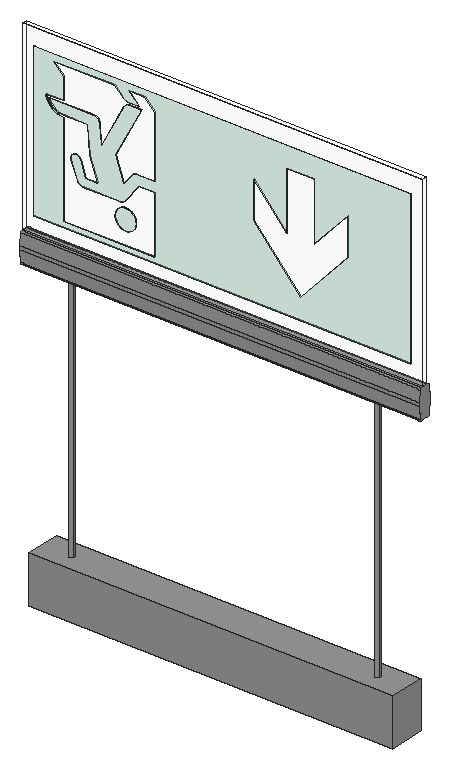
Revit family "9154299", category Lighting Fixtures, host Face, Revit 2017
Family settings
  Host = Face
  Round Connector Dimension = Use Diameter
  Part Type = Normal
  OmniClass Number = 23.80.70.00
  OmniClass Title = Lighting
  Cut with Voids When Loaded = No
  Light Source = No
  Shared = No
  Room Calculation Point = No
Parameters (values of type "ADJ SUSP LED EXIT SIGN ARROW UP")
  Width_SYL = 10 mm
  Weight = "1.7 kg"
  Wattage Comments = ""
  WarrantyStartDate [instance] = "n/a"
  WarrantyGuarantorParts = "n/a"
  WarrantyDurationUnit = "n/a"
  WarrantyDurationParts = "n/a"
  WarrantyDescription = "n/a"
  Voltage = 3.6 V
  URL = "http://www.sylvania-lighting.com"
  TypeSign_SYL = SylSafe EXIT Sign : Exit Arrow Up
  TypeName = "ADJ SUSP LED EXIT SIGN ARROW UP"
  Type Image = <None>
  Type Comments = "n/a"
  SuspensionHeight_SYL = 250 mm
  SerialNumber [instance] = "n/a"
  RotatableArmThickness_SYL = 3 mm
  RadiusBody_SYL = Width_SYL / 2  # 5 mm
  Material_3_SYL = none
  PowerFactor = 0.49
  PowerConsumption = "8 W"
  NominalLength = 340 mm
  NominalHeight = 185 mm
  NominalDepth = 30 mm
  Name = "ADJ SUSP LED EXIT SIGN ARROW UP"
  ModelReference = Name  # "ADJ SUSP LED EXIT SIGN ARROW UP"
  ModelNumber = "9154299"
  Model = Name  # "ADJ SUSP LED EXIT SIGN ARROW UP"
  Material = "n/a"
  ManufacturerName = "Feilo Sylvania"
  Manufacturer = "Feilo Sylvania"
  LuminousEfficacy = "n/a"
  LuminaireType = ""
  LightOutputRatio = "n/a"
  Length_SYL = 340 mm
  LampsType = Lamp  # "LED"
  LampNominalLuminous = "- lm"
  LampMacAdamStep = "n/a"
  LampColourTemperature = "4000 K"
  LampColourRenderingIndex = "0"
  Lamp = "LED"
  Keynote = "16500"
  InstallationDate [instance] = "n/a"
  InputVoltage = "3.6 V"
  InputNominalFrequency = "n/a"
  IngressProtection = "IP20"
  ImpactProtectionIndex = "n/a"
  IfcExportType = "IfcLightFixtureType"
  IfcExportAs = "IfcLightFixtureType"
  Height_SYL = 25 mm
  ExpectedLife = 50000
  ElectricShockClassification = "n/a"
  DurationUnit = "hours"
  DocumentationLiterature = "https://www.sylvania-lighting.com/product/en-int/products/9154299/"
  DimmingControlOptions = "n/a"
  Material_2_SYL = none
  Description = "Adjustable Suspended LED emergency exit sign arrow up (ISO standard), adjusted suspension from 100mm to 400mm, white finish, 18 x long life white LEDs, includes 3.6V 1.0Ah NiCd battery, charge current 90mA nominal, Recharge period: 24hrs (14hrs for 1 hour duration), 8VA (SELV) through suspension cables, IP20."
  Default Elevation = 1219.2 mm
  CreatedOn = "10/28/2019"
  CreatedBy = "@sylvania-lighting.com"
  Cost = 0
  built-in parameter 1114216 [instance] = (empty or 0)
  ClassificationValue = "EF_70_80"
  ClassificationName = "Uniclass2015"
  Material_1_SYL = PC/ABS Plastic
  BarCode [instance] = "n/a"
  AssetType = "Fixed"
  AssetIdentifier [instance] = "n/a"
  Assembly Code = "D5020200"
  Apparent Load = 8 VA
  Material_4_SYL = none
Types (4, lengths in mm): name | TypeSign_SYL | TypeName | Name | ModelReference | Model
  ADJ SUSP LED EXIT SIGN ARROW UP | SylSafe EXIT Sign : Exit Arrow Up | "ADJ SUSP LED EXIT SIGN ARROW UP" | "ADJ SUSP LED EXIT SIGN ARROW UP" | "ADJ SUSP LED EXIT SIGN ARROW UP" | "ADJ SUSP LED EXIT SIGN ARROW UP"
  ADJ SUSP LED EXIT SIGN ARROW DOWN | SylSafe EXIT Sign : Exit Arrow Down | "ADJ SUSP LED EXIT SIGN ARROW DOWN" | "ADJ SUSP LED EXIT SIGN ARROW DOWN" | "ADJ SUSP LED EXIT SIGN ARROW DOWN" | "ADJ SUSP LED EXIT SIGN ARROW DOWN"
  ADJ SUSP LED EXIT SIGN ARROW RIGHT | SylSafe EXIT Sign : Exit Arrow Right | "ADJ SUSP LED EXIT SIGN ARROW RIGHT" | "ADJ SUSP LED EXIT SIGN ARROW RIGHT" | "ADJ SUSP LED EXIT SIGN ARROW RIGHT" | "ADJ SUSP LED EXIT SIGN ARROW RIGHT"
  ADJ SUSP LED EXIT SIGN ARROW LEFT | SylSafe EXIT Sign : Exit Arrow Left | "ADJ SUSP LED EXIT SIGN ARROW LEFT" | "ADJ SUSP LED EXIT SIGN ARROW LEFT" | "ADJ SUSP LED EXIT SIGN ARROW LEFT" | "ADJ SUSP LED EXIT SIGN ARROW LEFT"
Reference planes
  plane 1 "Center (Front/Back)": y = 0
  plane 2: z = 250
  plane 3 "Center (Left/Right)": x = 0
  plane 4: y = 5
  plane 5: y = -5
  plane 6: z = 275
  plane 7: x = -170
  plane 8: x = 170
  plane 9: z = 262.5
  plane 10: y = -4.4
  plane 11: y = 4.4
  plane 12: x = -130
  plane 13: x = 130
  plane 14: x = -115
  plane 15: z = 40
  plane 16: y = 15
  plane 17: y = -15
  plane 18: x = 155
  plane 19: x = -155
Forms (mm)
  Extrusion 1, solid, material "PC/ABS Plastic" <- "Material_1_SYL"
    sketch origin (0, 0, 250) x (1, 0, 0) y (0, 1, 0)
      loop
        circle (-130, 0) r 2
      loop
        circle (130, 0) r 2
    from 0 to -210
  Extrusion 2, solid, material "PC/ABS Plastic" <- "Material_1_SYL"
    sketch origin (0, 0, 0) x (0, 1, 0) y (0, 0, 1)
      loop
        line (2.455, 275) -> (-3.268, 275)
        arc (-3.268, 275) -> (-4.088, 274.672) -> (-4.454, 273.87) r 1.187
        line (-4.454, 273.87) -> (-4.922, 264.122)
        arc (-4.922, 264.122) -> (-4.961, 262.5) -> (-4.922, 260.878) r 33.828
        line (-4.922, 260.878) -> (-4.454, 251.13)
        arc (-4.454, 251.13) -> (-4.088, 250.328) -> (-3.268, 250) r 1.187
        line (-3.268, 250) -> (2.455, 250)
        arc (2.455, 250) -> (3.863, 250.563) -> (4.493, 251.943) r 2.041
        line (4.493, 251.943) -> (4.922, 260.878)
        arc (4.922, 260.878) -> (4.961, 262.5) -> (4.922, 264.122) r 33.828
        line (4.922, 264.122) -> (4.493, 273.057)
        arc (4.493, 273.057) -> (3.863, 274.437) -> (2.455, 275) r 2.041
    from -170 to 170
  Extrusion 3, solid, material "PC/ABS Plastic" <- "Material_1_SYL"
    sketch origin (0, 0, 0) x (0, 1, 0) y (0, 0, 1)
      loop
        line (-15, 40) -> (-15, 0) -> (15, 0) -> (15, 40) -> (-15, 40)
    from -155 to 155
Lines and regions (mm)
  reference lines
    curve 1: line (0, -5, 262.5) -> (0, -4.4, 275)
    curve 2: line (0, -5, 262.5) -> (0, -4.4, 250)
    curve 3: line (0, 4.4, 250) -> (0, 5, 262.5)
    curve 4: line (0, 5, 262.5) -> (0, 4.4, 275)
Dimensions and locks
  equal spacing: plane 5, plane 1 "Center (Front/Back)", plane 4
  "Width_SYL": plane 5 to plane 4
  equal spacing: plane 8, plane 3 "Center (Left/Right)", plane 7
  "Length_SYL": plane 8 to plane 7
  equal spacing: plane 2, plane 9, plane 6
  "Height_SYL": plane 6 to plane 2
  equal spacing: plane 10, plane 1 "Center (Front/Back)", plane 11
  locked: plane 5 to plane 10 at 0.6
  equal spacing: host sketch curve, plane 3 "Center (Left/Right)", host sketch curve
  equal spacing: host sketch curve, plane 1 "Center (Front/Back)", host sketch curve
  equal spacing: plane 13, plane 3 "Center (Left/Right)", plane 12
  "SuspensionHeight_SYL": plane 2 to level
  locked: plane 15 to level at 40
  plane 17 to plane 1 "Center (Front/Back)" to plane 16 = 15 mm locked, 15 mm locked
  equal spacing: plane 18, plane 3 "Center (Left/Right)", plane 19, locked at 155 each
  aligned and locked: level to host face
  aligned and locked: plane 9 to curve 1
  aligned and locked: plane 6 to curve 1
  aligned and locked: plane 9 to curve 3
  aligned and locked: plane 6 to curve 4
  aligned and locked: plane 12 to Extrusion 1 sketch curve
  aligned and locked: plane 1 "Center (Front/Back)" to Extrusion 1 sketch curve  (x2)
  aligned and locked: plane 13 to Extrusion 1 sketch curve
  aligned and locked: plane 2 to Extrusion 1
  aligned and locked: Extrusion 2 sketch curve to plane 6
  aligned and locked: Extrusion 2 sketch curve to curve 1
  aligned and locked: curve 2 to Extrusion 2 sketch curve
  aligned and locked: Extrusion 2 sketch curve to plane 2
  aligned and locked: curve 3 to Extrusion 2 sketch curve
  aligned and locked: curve 4 to Extrusion 2 sketch curve
  aligned and locked: plane 8 to Extrusion 2
  aligned and locked: Extrusion 2 to plane 7
  aligned and locked: plane 3 "Center (Left/Right)" to nested 1
  aligned and locked: plane 1 "Center (Front/Back)" to nested 1
  aligned and locked: Extrusion 3 sketch curve to plane 15
  aligned and locked: Extrusion 3 sketch curve to plane 17
  aligned and locked: level to Extrusion 3 sketch curve
  aligned and locked: plane 16 to Extrusion 3 sketch curve
  aligned and locked: Extrusion 1 to plane 15
  aligned and locked: Extrusion 3 to plane 19
  aligned and locked: plane 18 to Extrusion 3
Automatic sketch dimensions
  curve 2 to plane 5 = 0 mm
  curve 2 to plane 10 = 0 mm
  curve 1 to plane 10 = 0 mm
  curve 4 to plane 11 = 0 mm
  curve 3 to plane 11 = 0 mm
  curve 3 to plane 4 = 0 mm
  curve 2 to plane 2 = 0 mm
  curve 3 to plane 2 = 0 mm
  Extrusion 2 sketch curve to plane 5 = 0.078 mm
  plane 10 to Extrusion 2 sketch curve = 0.054 mm  (x2)
  plane 11 to Extrusion 2 sketch curve = 1.945 mm  (x2)
  plane 4 to Extrusion 2 sketch curve = 0.078 mm
  radius of Extrusion 1 sketch curve = 2 mm  (x2)
Nested families
  nested 1: "SylSafe EXIT Sign" at (0, 0, 275), type <- "TypeSign_SYL", type "Exit Arrow Up"
    with built-in parameter 1114216 (empty or 0)
Definition of nested family "SylSafe EXIT Sign"
  Parameters (values of type "Exit Arrow Up")
    Width_SYL = 4 mm
    Wattage Comments = "n/a"
    Wattage = 4.9 W
    built-in parameter 1150110 = 1 (stored number, unit not read)
    Up_SYL = yes
    URL = "http://www.sylvania-lighting.com"
    Type Image = (empty or 0)
    Type Comments = "n/a"
    built-in parameter 1114217 = 1 (stored number, unit not read)
    ThicknessLabel_SYL = 0.8 mm
    built-in parameter 1150109 = 1 (stored number, unit not read)
    built-in parameter 1150134 = 5
    built-in parameter 1150113 = 1 (stored number, unit not read)
    Right_SYL = no
    Material_3_SYL = none
    Model = ""
    Manufacturer = "Feilo Sylvania"
    built-in parameter 1150105 = 155.97 (stored number, unit not read)
    Lumens = 490 lm
    built-in parameter 1150115 = 1 (stored number, unit not read)
    Light Source Symbol Size = 50 mm
    built-in parameter 1150137 = (empty or 0)
    built-in parameter 1150139 = (empty or 0)
    Length_SYL = 340 mm
    Left_SYL = no
    built-in parameter 1150112 = 1 (stored number, unit not read)
    built-in parameter 1150114 = 1 (stored number, unit not read)
    Lamp = "LED"
    Keynote = "16500"
    Material_2_SYL = none
    built-in parameter 1150132 = (empty or 0)
    built-in parameter 1150102 = (empty or 0)
    built-in parameter 1150107 = 6000 (stored number, unit not read)
    built-in parameter 1150138 = (empty or 0)
    built-in parameter 1150106 = 1.5597 (stored number, unit not read)
    Emit from Line Length = 291 mm  # constant formula
    built-in parameter 1150104 = 9.2903 (stored number, unit not read)
    Down_SYL = no
    Dimming Lamp Color Temperature Shift = (empty or 0)
    Description = ""
    Default Elevation = 1219.2 mm
    Cost = 0
    Color Filter = 16777215
    built-in parameter 1114216 [instance] = (empty or 0)
    Material_1_SYL = none
    built-in parameter 1114218 = 1 (stored number, unit not read)
    built-in parameter 1150133 = 10 (stored number, unit not read)
    Assembly Code = "D5020200"
    Apparent Load = 4.9 VA
    Material_4_SYL = none
  Types (4, lengths in mm): name | Up_SYL | Right_SYL | Left_SYL | Down_SYL
    Exit Arrow Right | no | yes | no | no
    Exit Arrow Left | no | no | yes | no
    Exit Arrow Up | yes | no | no | no
    Exit Arrow Down | no | no | no | yes
  Reference planes
    plane 1 "Center (Front/Back)": y = 0
    plane 2: z = 0
    plane 3 "Center (Left/Right)": x = 0
    plane 4: z = 0.008
    plane 5: y = 2
    plane 6: y = -2
    plane 7: y = -2.8
    plane 8: x = -170
    plane 9: x = 170
    plane 10: z = 158
    plane 11: z = 79.004
  Forms (mm)
    Extrusion 1, solid
      sketch origin (4.2, 0, 0) x (1, 0, 0) y (0, 1, 0)
        loop
          line (-1219.2, 1219.2) -> (-1219.2, -1219.2) -> (1219.2, -1219.2) -> (1219.2, 1219.2) -> (-1219.2, 1219.2)
      from 0 to -68.017
    Extrusion 2, solid, material <- "Material_2_SYL", visible <- "Left_SYL", detail levels fine
      sketch origin (351.989, -2, 271.712) x (0, 0, -1) y (1, 0, 0)
        loop
          circle (232.921, -433.927) r 8.997
        loop
          line (252.914, -409.376) -> (203.771, -409.376) -> (203.771, -422.697) -> (218.424, -433.74)
          arc (218.424, -433.74) -> (220.352, -436.058) -> (221.043, -438.993) r 6.578
          line (221.043, -438.993) -> (221.043, -470.423)
          arc (221.043, -470.423) -> (220.132, -473.314) -> (217.728, -475.158) r 5.039
          line (217.728, -475.158) -> (203.593, -480.303)
          arc (203.593, -480.303) -> (198.134, -477.757) -> (200.68, -472.297) r 4.26
          line (200.68, -472.297) -> (213.464, -467.644) -> (213.464, -457.87) -> (194.903, -464.626) -> (171.839, -466.643) -> (171.839, -486.798)
          arc (171.839, -486.798) -> (169.301, -494.456) -> (162.694, -499.083) r 12.824
          line (162.694, -499.083) -> (162.694, -461.066)
          arc (162.694, -461.066) -> (164.018, -457.662) -> (167.293, -456.047) r 5.039
          line (167.293, -456.047) -> (183.708, -454.611) -> (147.253, -435.227)
          arc (147.253, -435.227) -> (145.299, -433.374) -> (144.58, -430.779) r 5.039
          line (144.58, -430.779) -> (144.58, -420.27) -> (186.296, -442.45) -> (205.853, -435.332) -> (197.426, -428.982)
          arc (197.426, -428.982) -> (195.783, -427.007) -> (195.195, -424.508) r 5.602
          line (195.195, -424.508) -> (195.195, -409.376) -> (142.284, -409.376) -> (133.752, -417.908) -> (133.752, -431.496) -> (142.825, -422.423) -> (142.825, -432.004)
          arc (142.825, -432.004) -> (142.393, -434.178) -> (141.162, -436.02) r 5.68
          line (141.162, -436.02) -> (133.752, -443.43) -> (133.752, -495.019) -> (141.973, -486.798) -> (160.874, -486.798) -> (160.874, -501.57)
          arc (160.874, -501.57) -> (169.956, -496.498) -> (173.715, -486.798) r 15.341
          line (173.715, -486.798) -> (252.914, -486.798) -> (252.914, -409.376)
        loop
          line (257.706, -191.444) -> (127.708, -191.444) -> (127.708, -512.534) -> (257.706, -512.534) -> (257.706, -191.444)
        loop
          line (204.292, -340.093) -> (204.292, -290.517) -> (232.638, -321.999) -> (232.638, -290.517) -> (192.707, -235.584) -> (152.776, -290.517) -> (152.776, -321.999) -> (181.122, -290.517) -> (181.122, -340.093) -> (204.292, -340.093)
      from 0 to 0.8
    Extrusion 3, solid, material <- "Material_2_SYL", visible <- "Up_SYL", detail levels fine
      sketch origin (0, -2, -647.069) x (0, 0, -1) y (1, 0, 0)
        loop
          line (-785.029, -65.919) -> (-785.029, -79.507) -> (-775.956, -70.434) -> (-775.956, -80.015)
          arc (-775.956, -80.015) -> (-776.388, -82.189) -> (-777.62, -84.031) r 5.68
          line (-777.62, -84.031) -> (-785.029, -91.441) -> (-785.029, -143.03) -> (-776.808, -134.809) -> (-757.907, -134.809) -> (-757.907, -149.581)
          arc (-757.907, -149.581) -> (-748.825, -144.509) -> (-745.067, -134.809) r 15.341
          line (-745.067, -134.809) -> (-665.867, -134.809) -> (-665.867, -57.387) -> (-715.011, -57.387) -> (-715.011, -70.708) -> (-700.357, -81.751)
          arc (-700.357, -81.751) -> (-698.429, -84.069) -> (-697.738, -87.004) r 6.578
          line (-697.738, -87.004) -> (-697.738, -118.434)
          arc (-697.738, -118.434) -> (-698.649, -121.325) -> (-701.053, -123.169) r 5.039
          line (-701.053, -123.169) -> (-715.188, -128.314)
          arc (-715.188, -128.314) -> (-720.647, -125.768) -> (-718.102, -120.308) r 4.26
          line (-718.102, -120.308) -> (-705.317, -115.655) -> (-705.317, -105.881) -> (-723.879, -112.637) -> (-746.943, -114.655) -> (-746.943, -134.809)
          arc (-746.943, -134.809) -> (-749.48, -142.467) -> (-756.087, -147.094) r 12.824
          line (-756.087, -147.094) -> (-756.087, -109.077)
          arc (-756.087, -109.077) -> (-754.764, -105.673) -> (-751.488, -104.058) r 5.039
          line (-751.488, -104.058) -> (-735.074, -102.622) -> (-771.528, -83.238)
          arc (-771.528, -83.238) -> (-773.482, -81.385) -> (-774.201, -78.79) r 5.039
          line (-774.201, -78.79) -> (-774.201, -68.281) -> (-732.486, -90.461) -> (-712.929, -83.343) -> (-721.356, -76.993)
          arc (-721.356, -76.993) -> (-722.998, -75.018) -> (-723.586, -72.519) r 5.602
          line (-723.586, -72.519) -> (-723.586, -57.387) -> (-776.497, -57.387) -> (-785.029, -65.919)
        loop
          circle (-685.86, -81.938) r 8.997
        loop
          line (-723.46, 78.505) -> (-773.036, 78.505) -> (-773.036, 55.335) -> (-723.46, 55.335) -> (-754.942, 26.989) -> (-723.46, 26.989) -> (-679.112, 66.92) -> (-723.46, 106.851) -> (-754.942, 106.851) -> (-723.46, 78.505)
        loop
          line (-791.073, -160.545) -> (-661.075, -160.545) -> (-661.075, 160.545) -> (-791.073, 160.545) -> (-791.073, -160.545)
      from 0 to 0.8
    Extrusion 4, solid, material <- "Material_2_SYL", visible <- "Down_SYL", detail levels fine
      sketch origin (0, -2, -647.069) x (0, 0, -1) y (1, 0, 0)
        loop
          line (-715.011, -70.708) -> (-700.357, -81.751)
          arc (-700.357, -81.751) -> (-698.429, -84.069) -> (-697.738, -87.004) r 6.578
          line (-697.738, -87.004) -> (-697.738, -118.434)
          arc (-697.738, -118.434) -> (-698.649, -121.325) -> (-701.053, -123.169) r 5.039
          line (-701.053, -123.169) -> (-715.188, -128.314)
          arc (-715.188, -128.314) -> (-720.647, -125.768) -> (-718.102, -120.308) r 4.26
          line (-718.102, -120.308) -> (-705.317, -115.655) -> (-705.317, -105.881) -> (-723.879, -112.637) -> (-746.943, -114.655) -> (-746.943, -134.809)
          arc (-746.943, -134.809) -> (-749.48, -142.467) -> (-756.087, -147.094) r 12.824
          line (-756.087, -147.094) -> (-756.087, -109.077)
          arc (-756.087, -109.077) -> (-754.764, -105.673) -> (-751.488, -104.058) r 5.039
          line (-751.488, -104.058) -> (-735.074, -102.622) -> (-771.528, -83.238)
          arc (-771.528, -83.238) -> (-773.482, -81.385) -> (-774.201, -78.79) r 5.039
          line (-774.201, -78.79) -> (-774.201, -68.281) -> (-732.486, -90.461) -> (-712.929, -83.343) -> (-721.356, -76.993)
          arc (-721.356, -76.993) -> (-722.998, -75.018) -> (-723.586, -72.519) r 5.602
          line (-723.586, -72.519) -> (-723.586, -57.387) -> (-776.497, -57.387) -> (-785.029, -65.919) -> (-785.029, -79.507) -> (-775.956, -70.434) -> (-775.956, -80.015)
          arc (-775.956, -80.015) -> (-776.388, -82.189) -> (-777.62, -84.031) r 5.68
          line (-777.62, -84.031) -> (-785.029, -91.441) -> (-785.029, -143.03) -> (-776.808, -134.809) -> (-757.907, -134.809) -> (-757.907, -149.581)
          arc (-757.907, -149.581) -> (-748.825, -144.509) -> (-745.067, -134.809) r 15.341
          line (-745.067, -134.809) -> (-665.867, -134.809) -> (-665.867, -57.387) -> (-715.011, -57.387) -> (-715.011, -70.708)
        loop
          circle (-685.86, -81.938) r 8.997
        loop
          line (-791.073, -160.545) -> (-661.075, -160.545) -> (-661.075, 160.545) -> (-791.073, 160.545) -> (-791.073, -160.545)
        loop
          line (-679.112, 55.335) -> (-679.112, 78.505) -> (-728.688, 78.505) -> (-697.206, 106.851) -> (-728.688, 106.851) -> (-773.036, 66.92) -> (-728.688, 26.989) -> (-697.206, 26.989) -> (-728.688, 55.335) -> (-679.112, 55.335)
      from 0 to 0.8
    Extrusion 5, solid, material <- "Material_2_SYL", visible <- "Right_SYL", detail levels fine
      sketch origin (0, -2, -647.069) x (0, 0, -1) y (1, 0, 0)
        loop
          line (-732.486, 57.899) -> (-774.201, 35.719) -> (-774.201, 46.228)
          arc (-774.201, 46.228) -> (-773.482, 48.823) -> (-771.528, 50.677) r 5.039
          line (-771.528, 50.677) -> (-735.074, 70.06) -> (-751.488, 71.496)
          arc (-751.488, 71.496) -> (-754.764, 73.111) -> (-756.087, 76.515) r 5.039
          line (-756.087, 76.515) -> (-756.087, 114.533)
          arc (-756.087, 114.533) -> (-749.48, 109.905) -> (-746.943, 102.247) r 12.824
          line (-746.943, 102.247) -> (-746.943, 82.093) -> (-723.879, 80.075) -> (-705.317, 73.319) -> (-705.317, 83.093) -> (-718.102, 87.747)
          arc (-718.102, 87.747) -> (-720.647, 93.206) -> (-715.188, 95.752) r 4.26
          line (-715.188, 95.752) -> (-701.053, 90.607)
          arc (-701.053, 90.607) -> (-698.649, 88.763) -> (-697.738, 85.873) r 5.039
          line (-697.738, 85.873) -> (-697.738, 54.442)
          arc (-697.738, 54.442) -> (-698.429, 51.507) -> (-700.357, 49.189) r 6.578
          line (-700.357, 49.189) -> (-715.011, 38.146) -> (-715.011, 24.826) -> (-665.867, 24.826) -> (-665.867, 102.247) -> (-745.067, 102.247)
          arc (-745.067, 102.247) -> (-748.825, 111.947) -> (-757.907, 117.019) r 15.341
          line (-757.907, 117.019) -> (-757.907, 102.247) -> (-776.808, 102.247) -> (-785.029, 110.468) -> (-785.029, 58.879) -> (-777.62, 51.469)
          arc (-777.62, 51.469) -> (-776.388, 49.627) -> (-775.956, 47.453) r 5.68
          line (-775.956, 47.453) -> (-775.956, 37.872) -> (-785.029, 46.945) -> (-785.029, 33.357) -> (-776.497, 24.826) -> (-723.586, 24.826) -> (-723.586, 39.957)
          arc (-723.586, 39.957) -> (-722.998, 42.456) -> (-721.356, 44.431) r 5.602
          line (-721.356, 44.431) -> (-712.929, 50.781) -> (-732.486, 57.899)
        loop
          circle (-685.86, 49.376) r 8.997
        loop
          line (-766.005, -62.552) -> (-766.005, -94.034) -> (-726.074, -146.444) -> (-686.143, -94.034) -> (-686.143, -62.552) -> (-714.489, -94.034) -> (-714.489, -34.958) -> (-737.659, -34.958) -> (-737.659, -94.034) -> (-766.005, -62.552)
        loop
          line (-791.073, -160.545) -> (-661.075, -160.545) -> (-661.075, 160.545) -> (-791.073, 160.545) -> (-791.073, -160.545)
      from 0 to 0.8
    Extrusion 6, solid, material <- "Material_3_SYL"
      sketch origin (0, 0, 0) x (1, 0, 0) y (0, 0, 1)
        loop
          line (-170, 0) -> (170, 0) -> (170, 158) -> (-170, 158) -> (-170, 0)
      from -2 to 2
  Dimensions and locks
    equal spacing: plane 6, plane 1 "Center (Front/Back)", plane 5
    "Width_SYL": plane 6 to plane 5
    "ThicknessLabel_SYL": plane 7 to plane 6
    equal spacing: plane 9, plane 3 "Center (Left/Right)", plane 8
    "Length_SYL": plane 9 to plane 8
    locked: plane 10 to plane 4 at 157.992
    equal spacing: plane 10, plane 11, plane 4
    aligned and locked: plane 2 to Extrusion 1
    aligned and locked: level to Extrusion 1
    aligned and locked: Extrusion 3 to Extrusion 2
    aligned and locked: Extrusion 3 to plane 6
    aligned and locked: plane 7 to Extrusion 3
    aligned and locked: Extrusion 4 to plane 6
    aligned and locked: plane 7 to Extrusion 4
    aligned and locked: Extrusion 5 to plane 6
    aligned and locked: plane 7 to Extrusion 5
    aligned and locked: plane 4 to imposter light
    aligned and locked: plane 3 "Center (Left/Right)" to imposter light
    aligned and locked: plane 1 "Center (Front/Back)" to imposter light
    aligned and locked: Extrusion 6 sketch curve to level
    aligned and locked: plane 6 to Extrusion 6
    aligned and locked: Extrusion 6 to plane 5
    aligned and locked: Extrusion 6 sketch curve to plane 8
    aligned and locked: plane 9 to Extrusion 6 sketch curve
    aligned and locked: Extrusion 6 sketch curve to plane 10
  Automatic sketch dimensions
    Extrusion 1 sketch curve to Extrusion 1 sketch curve = 2438.4 mm  (x2)
    Extrusion 5 sketch curve to Extrusion 5 sketch curve = 0 mm  (x6)
    plane 10 to Extrusion 5 sketch curve = 13.996 mm
    plane 10 to Extrusion 5 sketch curve = 20.04 mm  (x2)
    Extrusion 5 sketch curve to Extrusion 5 sketch curve = 3.393 mm
    Extrusion 5 sketch curve to Extrusion 5 sketch curve = 4.016 mm
    Extrusion 5 sketch curve to Extrusion 5 sketch curve = 8.221 mm  (x2)
    Extrusion 5 sketch curve to Extrusion 5 sketch curve = 8.532 mm  (x2)
    Extrusion 5 sketch curve to Extrusion 5 sketch curve = 9.073 mm
    Extrusion 5 sketch curve to Extrusion 5 sketch curve = 1.755 mm
    Extrusion 5 sketch curve to Extrusion 5 sketch curve = 2.673 mm
    Extrusion 5 sketch curve to Extrusion 5 sketch curve = 5.039 mm  (x2)
    plane 10 to Extrusion 5 sketch curve = 39.064 mm
    Extrusion 5 sketch curve to Extrusion 5 sketch curve = 16.405 mm
    Extrusion 5 sketch curve to Extrusion 5 sketch curve = 0.636 mm
    Extrusion 5 sketch curve to Extrusion 5 sketch curve = 1.86 mm
    Extrusion 5 sketch curve to Extrusion 5 sketch curve = 4.316 mm
    Extrusion 5 sketch curve to Extrusion 5 sketch curve = 4.6 mm
    Extrusion 5 sketch curve to Extrusion 5 sketch curve = 0.439 mm
    Extrusion 5 sketch curve to Extrusion 5 sketch curve = 10.965 mm
    Extrusion 5 sketch curve to Extrusion 5 sketch curve = 1.876 mm
    Extrusion 5 sketch curve to plane 11 = 11.586 mm
    Extrusion 5 sketch curve to plane 11 = 9 mm
    Extrusion 5 sketch curve to plane 11 = 6.412 mm
    Extrusion 5 sketch curve to plane 11 = 0.001 mm
    plane 11 to Extrusion 5 sketch curve = 2.195 mm
    plane 11 to Extrusion 5 sketch curve = 2.487 mm
    plane 11 to Extrusion 5 sketch curve = 4.718 mm
    plane 11 to Extrusion 5 sketch curve = 7.972 mm
    Extrusion 5 sketch curve to Extrusion 5 sketch curve = 3.372 mm
    Extrusion 5 sketch curve to Extrusion 5 sketch curve = 1.457 mm  (x2)
    Extrusion 5 sketch curve to Extrusion 5 sketch curve = 2.973 mm
    plane 11 to Extrusion 5 sketch curve = 11.584 mm
    Extrusion 5 sketch curve to Extrusion 5 sketch curve = 8.427 mm
    Extrusion 5 sketch curve to Extrusion 5 sketch curve = 12.785 mm
    Extrusion 5 sketch curve to Extrusion 5 sketch curve = 8.613 mm
    Extrusion 5 sketch curve to Extrusion 5 sketch curve = 2.54 mm
    Extrusion 5 sketch curve to Extrusion 5 sketch curve = 1.723 mm
    Extrusion 5 sketch curve to Extrusion 5 sketch curve = 3.959 mm
    Extrusion 5 sketch curve to Extrusion 5 sketch curve = 28.346 mm
    Extrusion 5 sketch curve to Extrusion 5 sketch curve = 11.878 mm
    Extrusion 5 sketch curve to plane 4 = 18.79 mm
    Extrusion 5 sketch curve to plane 4 = 13.998 mm
    plane 8 to Extrusion 5 sketch curve = 9.455 mm
    plane 8 to Extrusion 5 sketch curve = 23.556 mm
    Extrusion 5 sketch curve to Extrusion 5 sketch curve = 52.41 mm  (x2)
    Extrusion 5 sketch curve to Extrusion 5 sketch curve = 31.482 mm  (x2)
    Extrusion 5 sketch curve to plane 3 "Center (Left/Right)" = 34.958 mm
    plane 3 "Center (Left/Right)" to Extrusion 5 sketch curve = 24.826 mm
    Extrusion 5 sketch curve to Extrusion 5 sketch curve = 2.361 mm
    Extrusion 5 sketch curve to Extrusion 5 sketch curve = 2.154 mm
    Extrusion 5 sketch curve to Extrusion 5 sketch curve = 13.321 mm
    Extrusion 5 sketch curve to Extrusion 5 sketch curve = 1.81 mm
    Extrusion 5 sketch curve to Extrusion 5 sketch curve = 8.355 mm
    Extrusion 5 sketch curve to Extrusion 5 sketch curve = 0.718 mm
    Extrusion 5 sketch curve to Extrusion 5 sketch curve = 0.508 mm
    Extrusion 5 sketch curve to Extrusion 5 sketch curve = 11.042 mm
    Extrusion 5 sketch curve to Extrusion 5 sketch curve = 5.066 mm
    Extrusion 5 sketch curve to Extrusion 5 sketch curve = 3.661 mm
    Extrusion 5 sketch curve to Extrusion 5 sketch curve = 13.468 mm
    Extrusion 5 sketch curve to Extrusion 5 sketch curve = 7.409 mm
    Extrusion 5 sketch curve to Extrusion 5 sketch curve = 12.16 mm
    Extrusion 5 sketch curve to Extrusion 5 sketch curve = 1.436 mm
    Extrusion 5 sketch curve to Extrusion 5 sketch curve = 18.877 mm
    Extrusion 5 sketch curve to Extrusion 5 sketch curve = 10.015 mm
    Extrusion 5 sketch curve to Extrusion 5 sketch curve = 5.577 mm
    Extrusion 5 sketch curve to Extrusion 5 sketch curve = 9.774 mm
    Extrusion 5 sketch curve to Extrusion 5 sketch curve = 2.779 mm
    Extrusion 5 sketch curve to Extrusion 5 sketch curve = 7.672 mm
    Extrusion 5 sketch curve to Extrusion 5 sketch curve = 4.003 mm
    Extrusion 5 sketch curve to Extrusion 5 sketch curve = 19.79 mm
    Extrusion 5 sketch curve to Extrusion 5 sketch curve = 0.365 mm  (x2)
    Extrusion 5 sketch curve to plane 9 = 9.455 mm
    Extrusion 5 sketch curve to Extrusion 5 sketch curve = 5.5 mm
    Extrusion 4 sketch curve to Extrusion 4 sketch curve = 0 mm  (x5)
    plane 10 to Extrusion 4 sketch curve = 13.996 mm
    plane 10 to Extrusion 4 sketch curve = 20.04 mm
    Extrusion 4 sketch curve to Extrusion 4 sketch curve = 3.393 mm
    Extrusion 4 sketch curve to Extrusion 4 sketch curve = 4.016 mm
    Extrusion 4 sketch curve to Extrusion 4 sketch curve = 8.221 mm
    Extrusion 4 sketch curve to Extrusion 4 sketch curve = 8.532 mm
    Extrusion 4 sketch curve to Extrusion 4 sketch curve = 1.664 mm
    Extrusion 4 sketch curve to Extrusion 4 sketch curve = 1.755 mm
    plane 10 to Extrusion 4 sketch curve = 32.033 mm
    Extrusion 4 sketch curve to Extrusion 4 sketch curve = 2.673 mm
    Extrusion 4 sketch curve to Extrusion 4 sketch curve = 2.366 mm
    Extrusion 4 sketch curve to Extrusion 4 sketch curve = 16.405 mm
    Extrusion 4 sketch curve to Extrusion 4 sketch curve = 0.636 mm
    Extrusion 4 sketch curve to Extrusion 4 sketch curve = 1.86 mm
    Extrusion 4 sketch curve to Extrusion 4 sketch curve = 4.316 mm
    Extrusion 4 sketch curve to Extrusion 4 sketch curve = 4.6 mm
    Extrusion 4 sketch curve to Extrusion 4 sketch curve = 5.039 mm
    Extrusion 4 sketch curve to Extrusion 4 sketch curve = 4.106 mm
    Extrusion 4 sketch curve to Extrusion 4 sketch curve = 1.876 mm
    Extrusion 4 sketch curve to plane 11 = 9 mm
    Extrusion 4 sketch curve to plane 11 = 6.412 mm
    Extrusion 4 sketch curve to plane 11 = 2.615 mm  (x4)
    plane 11 to Extrusion 4 sketch curve = 2.195 mm
    plane 11 to Extrusion 4 sketch curve = 2.487 mm
    plane 11 to Extrusion 4 sketch curve = 4.718 mm
    plane 11 to Extrusion 4 sketch curve = 7.972 mm
    Extrusion 4 sketch curve to Extrusion 4 sketch curve = 3.372 mm
    Extrusion 4 sketch curve to Extrusion 4 sketch curve = 1.457 mm  (x2)
    Extrusion 4 sketch curve to Extrusion 4 sketch curve = 8.576 mm
    Extrusion 4 sketch curve to Extrusion 4 sketch curve = 8.427 mm
    Extrusion 4 sketch curve to Extrusion 4 sketch curve = 12.785 mm
    Extrusion 4 sketch curve to Extrusion 4 sketch curve = 8.613 mm
    Extrusion 4 sketch curve to Extrusion 4 sketch curve = 2.54 mm
    Extrusion 4 sketch curve to Extrusion 4 sketch curve = 1.723 mm
    Extrusion 4 sketch curve to Extrusion 4 sketch curve = 3.959 mm
    Extrusion 4 sketch curve to Extrusion 4 sketch curve = 2.619 mm
    plane 11 to Extrusion 4 sketch curve = 28.867 mm  (x2)
    Extrusion 4 sketch curve to Extrusion 4 sketch curve = 11.878 mm
    Extrusion 4 sketch curve to plane 4 = 32.035 mm
    Extrusion 4 sketch curve to plane 4 = 18.79 mm
    Extrusion 4 sketch curve to plane 4 = 13.998 mm
    plane 8 to Extrusion 4 sketch curve = 9.455 mm
    plane 8 to Extrusion 4 sketch curve = 20.419 mm
    Extrusion 4 sketch curve to Extrusion 4 sketch curve = 2.486 mm
    Extrusion 4 sketch curve to Extrusion 4 sketch curve = 17.515 mm
    Extrusion 4 sketch curve to Extrusion 4 sketch curve = 6.495 mm
    Extrusion 4 sketch curve to Extrusion 4 sketch curve = 4.003 mm
    Extrusion 4 sketch curve to Extrusion 4 sketch curve = 5.145 mm
    Extrusion 4 sketch curve to Extrusion 4 sketch curve = 2.779 mm
    Extrusion 4 sketch curve to Extrusion 4 sketch curve = 20.155 mm
    Extrusion 4 sketch curve to Extrusion 4 sketch curve = 7.672 mm
    Extrusion 4 sketch curve to Extrusion 4 sketch curve = 5.577 mm
    Extrusion 4 sketch curve to Extrusion 4 sketch curve = 9.774 mm
    Extrusion 4 sketch curve to Extrusion 4 sketch curve = 10.015 mm
    Extrusion 4 sketch curve to Extrusion 4 sketch curve = 17.637 mm
    Extrusion 4 sketch curve to Extrusion 4 sketch curve = 12.16 mm
    Extrusion 4 sketch curve to Extrusion 4 sketch curve = 18.877 mm
    Extrusion 4 sketch curve to Extrusion 4 sketch curve = 7.409 mm
    Extrusion 4 sketch curve to Extrusion 4 sketch curve = 3.661 mm
    Extrusion 4 sketch curve to Extrusion 4 sketch curve = 3.223 mm
    Extrusion 4 sketch curve to Extrusion 4 sketch curve = 5.066 mm
    Extrusion 4 sketch curve to Extrusion 4 sketch curve = 0.508 mm
    Extrusion 4 sketch curve to Extrusion 4 sketch curve = 6.35 mm
    Extrusion 4 sketch curve to Extrusion 4 sketch curve = 1.81 mm
    Extrusion 4 sketch curve to Extrusion 4 sketch curve = 8.355 mm
    Extrusion 4 sketch curve to Extrusion 4 sketch curve = 2.154 mm
    Extrusion 4 sketch curve to Extrusion 4 sketch curve = 4.515 mm
    Extrusion 4 sketch curve to Extrusion 4 sketch curve = 10.893 mm
    Extrusion 4 sketch curve to Extrusion 4 sketch curve = 24.55 mm
    plane 3 "Center (Left/Right)" to Extrusion 4 sketch curve = 26.989 mm
    Extrusion 4 sketch curve to Extrusion 4 sketch curve = 28.346 mm  (x2)
    Extrusion 4 sketch curve to Extrusion 4 sketch curve = 11.585 mm
    Extrusion 4 sketch curve to Extrusion 4 sketch curve = 23.17 mm
    Extrusion 4 sketch curve to plane 9 = 9.455 mm
    Extrusion 4 sketch curve to Extrusion 4 sketch curve = 5.5 mm
    Extrusion 3 sketch curve to Extrusion 3 sketch curve = 0 mm  (x4)
    plane 10 to Extrusion 3 sketch curve = 13.996 mm
    plane 10 to Extrusion 3 sketch curve = 20.04 mm  (x2)
    Extrusion 3 sketch curve to Extrusion 3 sketch curve = 3.393 mm
    Extrusion 3 sketch curve to Extrusion 3 sketch curve = 4.016 mm
    Extrusion 3 sketch curve to Extrusion 3 sketch curve = 8.221 mm  (x2)
    Extrusion 3 sketch curve to Extrusion 3 sketch curve = 8.532 mm
    Extrusion 3 sketch curve to Extrusion 3 sketch curve = 1.664 mm
    Extrusion 3 sketch curve to Extrusion 3 sketch curve = 1.755 mm
    plane 10 to Extrusion 3 sketch curve = 32.033 mm
    Extrusion 3 sketch curve to Extrusion 3 sketch curve = 2.673 mm
    Extrusion 3 sketch curve to Extrusion 3 sketch curve = 5.039 mm  (x2)
    Extrusion 3 sketch curve to Extrusion 3 sketch curve = 16.405 mm
    Extrusion 3 sketch curve to Extrusion 3 sketch curve = 0.636 mm
    Extrusion 3 sketch curve to Extrusion 3 sketch curve = 1.86 mm
    Extrusion 3 sketch curve to Extrusion 3 sketch curve = 4.316 mm
    Extrusion 3 sketch curve to plane 11 = 28.869 mm  (x2)
    Extrusion 3 sketch curve to Extrusion 3 sketch curve = 4.6 mm
    Extrusion 3 sketch curve to Extrusion 3 sketch curve = 10.965 mm
    Extrusion 3 sketch curve to Extrusion 3 sketch curve = 1.876 mm
    Extrusion 3 sketch curve to plane 11 = 9 mm
    Extrusion 3 sketch curve to plane 11 = 6.412 mm
    plane 11 to Extrusion 3 sketch curve = 2.195 mm
    plane 11 to Extrusion 3 sketch curve = 2.487 mm
    plane 11 to Extrusion 3 sketch curve = 2.613 mm  (x4)
    plane 11 to Extrusion 3 sketch curve = 4.718 mm
    plane 11 to Extrusion 3 sketch curve = 7.972 mm
    Extrusion 3 sketch curve to Extrusion 3 sketch curve = 3.372 mm
    Extrusion 3 sketch curve to Extrusion 3 sketch curve = 1.457 mm  (x2)
    Extrusion 3 sketch curve to Extrusion 3 sketch curve = 8.576 mm
    Extrusion 3 sketch curve to Extrusion 3 sketch curve = 8.427 mm
    Extrusion 3 sketch curve to Extrusion 3 sketch curve = 12.785 mm
    Extrusion 3 sketch curve to Extrusion 3 sketch curve = 8.613 mm
    Extrusion 3 sketch curve to Extrusion 3 sketch curve = 2.54 mm
    Extrusion 3 sketch curve to Extrusion 3 sketch curve = 1.723 mm
    Extrusion 3 sketch curve to Extrusion 3 sketch curve = 3.959 mm
    Extrusion 3 sketch curve to Extrusion 3 sketch curve = 2.619 mm
    Extrusion 3 sketch curve to Extrusion 3 sketch curve = 11.878 mm
    Extrusion 3 sketch curve to plane 4 = 32.035 mm
    Extrusion 3 sketch curve to plane 4 = 18.79 mm
    Extrusion 3 sketch curve to plane 4 = 13.998 mm
    plane 8 to Extrusion 3 sketch curve = 9.455 mm
    plane 8 to Extrusion 3 sketch curve = 20.419 mm
    Extrusion 3 sketch curve to Extrusion 3 sketch curve = 2.486 mm
    Extrusion 3 sketch curve to Extrusion 3 sketch curve = 17.515 mm
    Extrusion 3 sketch curve to Extrusion 3 sketch curve = 6.495 mm
    Extrusion 3 sketch curve to Extrusion 3 sketch curve = 4.003 mm
    Extrusion 3 sketch curve to Extrusion 3 sketch curve = 5.145 mm
    Extrusion 3 sketch curve to Extrusion 3 sketch curve = 2.779 mm
    Extrusion 3 sketch curve to Extrusion 3 sketch curve = 20.155 mm
    Extrusion 3 sketch curve to Extrusion 3 sketch curve = 7.672 mm
    Extrusion 3 sketch curve to Extrusion 3 sketch curve = 5.577 mm
    Extrusion 3 sketch curve to Extrusion 3 sketch curve = 9.774 mm
    Extrusion 3 sketch curve to Extrusion 3 sketch curve = 10.015 mm
    Extrusion 3 sketch curve to Extrusion 3 sketch curve = 17.637 mm
    Extrusion 3 sketch curve to Extrusion 3 sketch curve = 12.16 mm
    Extrusion 3 sketch curve to Extrusion 3 sketch curve = 18.877 mm
    Extrusion 3 sketch curve to Extrusion 3 sketch curve = 7.409 mm
    Extrusion 3 sketch curve to Extrusion 3 sketch curve = 3.661 mm
    Extrusion 3 sketch curve to Extrusion 3 sketch curve = 3.223 mm
    Extrusion 3 sketch curve to Extrusion 3 sketch curve = 5.066 mm
    Extrusion 3 sketch curve to Extrusion 3 sketch curve = 0.508 mm
    Extrusion 3 sketch curve to Extrusion 3 sketch curve = 6.35 mm
    Extrusion 3 sketch curve to Extrusion 3 sketch curve = 1.81 mm
    Extrusion 3 sketch curve to Extrusion 3 sketch curve = 8.355 mm
    Extrusion 3 sketch curve to Extrusion 3 sketch curve = 2.154 mm
    Extrusion 3 sketch curve to Extrusion 3 sketch curve = 4.515 mm
    Extrusion 3 sketch curve to Extrusion 3 sketch curve = 13.321 mm
    plane 3 "Center (Left/Right)" to Extrusion 3 sketch curve = 26.989 mm
    Extrusion 3 sketch curve to Extrusion 3 sketch curve = 28.346 mm  (x2)
    Extrusion 3 sketch curve to Extrusion 3 sketch curve = 11.585 mm
    Extrusion 3 sketch curve to Extrusion 3 sketch curve = 23.17 mm
    Extrusion 3 sketch curve to plane 9 = 9.455 mm
    Extrusion 3 sketch curve to Extrusion 3 sketch curve = 5.5 mm
    plane 10 to Extrusion 2 sketch curve = 13.996 mm
    plane 10 to Extrusion 2 sketch curve = 20.04 mm
    Extrusion 2 sketch curve to Extrusion 2 sketch curve = 0 mm  (x3)
    Extrusion 2 sketch curve to Extrusion 2 sketch curve = 3.393 mm
    Extrusion 2 sketch curve to Extrusion 2 sketch curve = 4.016 mm
    Extrusion 2 sketch curve to Extrusion 2 sketch curve = 8.221 mm  (x2)
    Extrusion 2 sketch curve to Extrusion 2 sketch curve = 8.532 mm
    Extrusion 2 sketch curve to Extrusion 2 sketch curve = 9.073 mm
    Extrusion 2 sketch curve to Extrusion 2 sketch curve = 1.755 mm
    Extrusion 2 sketch curve to Extrusion 2 sketch curve = 2.673 mm
    Extrusion 2 sketch curve to Extrusion 2 sketch curve = 2.366 mm
    plane 10 to Extrusion 2 sketch curve = 39.064 mm
    Extrusion 2 sketch curve to Extrusion 2 sketch curve = 16.405 mm
    Extrusion 2 sketch curve to Extrusion 2 sketch curve = 0.636 mm
    Extrusion 2 sketch curve to Extrusion 2 sketch curve = 1.86 mm
    Extrusion 2 sketch curve to Extrusion 2 sketch curve = 4.316 mm
    Extrusion 2 sketch curve to Extrusion 2 sketch curve = 4.6 mm
    Extrusion 2 sketch curve to Extrusion 2 sketch curve = 0.439 mm
    Extrusion 2 sketch curve to Extrusion 2 sketch curve = 4.106 mm
    Extrusion 2 sketch curve to Extrusion 2 sketch curve = 1.876 mm
    Extrusion 2 sketch curve to plane 11 = 11.586 mm
    Extrusion 2 sketch curve to plane 11 = 9 mm
    Extrusion 2 sketch curve to plane 11 = 6.412 mm
    Extrusion 2 sketch curve to plane 11 = 0.001 mm
    plane 11 to Extrusion 2 sketch curve = 2.195 mm
    plane 11 to Extrusion 2 sketch curve = 2.487 mm
    plane 11 to Extrusion 2 sketch curve = 4.718 mm
    plane 11 to Extrusion 2 sketch curve = 7.972 mm
    Extrusion 2 sketch curve to Extrusion 2 sketch curve = 3.372 mm
    Extrusion 2 sketch curve to Extrusion 2 sketch curve = 1.457 mm  (x2)
    Extrusion 2 sketch curve to Extrusion 2 sketch curve = 2.973 mm
    plane 11 to Extrusion 2 sketch curve = 11.584 mm
    Extrusion 2 sketch curve to Extrusion 2 sketch curve = 8.427 mm
    Extrusion 2 sketch curve to Extrusion 2 sketch curve = 12.785 mm
    Extrusion 2 sketch curve to Extrusion 2 sketch curve = 8.613 mm
    Extrusion 2 sketch curve to Extrusion 2 sketch curve = 2.54 mm
    Extrusion 2 sketch curve to Extrusion 2 sketch curve = 1.723 mm
    Extrusion 2 sketch curve to Extrusion 2 sketch curve = 3.959 mm
    Extrusion 2 sketch curve to Extrusion 2 sketch curve = 5.039 mm
    Extrusion 2 sketch curve to Extrusion 2 sketch curve = 28.346 mm
    Extrusion 2 sketch curve to Extrusion 2 sketch curve = 11.878 mm
    Extrusion 2 sketch curve to plane 4 = 18.79 mm
    Extrusion 2 sketch curve to plane 4 = 13.998 mm
    plane 8 to Extrusion 2 sketch curve = 9.455 mm
    plane 8 to Extrusion 2 sketch curve = 20.419 mm
    Extrusion 2 sketch curve to Extrusion 2 sketch curve = 2.486 mm
    Extrusion 2 sketch curve to Extrusion 2 sketch curve = 17.515 mm
    Extrusion 2 sketch curve to Extrusion 2 sketch curve = 25.736 mm
    Extrusion 2 sketch curve to Extrusion 2 sketch curve = 6.495 mm
    Extrusion 2 sketch curve to Extrusion 2 sketch curve = 4.003 mm
    Extrusion 2 sketch curve to Extrusion 2 sketch curve = 5.145 mm
    Extrusion 2 sketch curve to Extrusion 2 sketch curve = 2.779 mm
    Extrusion 2 sketch curve to Extrusion 2 sketch curve = 20.155 mm
    Extrusion 2 sketch curve to Extrusion 2 sketch curve = 7.672 mm
    Extrusion 2 sketch curve to Extrusion 2 sketch curve = 5.577 mm
    Extrusion 2 sketch curve to Extrusion 2 sketch curve = 9.774 mm
    Extrusion 2 sketch curve to Extrusion 2 sketch curve = 10.015 mm
    Extrusion 2 sketch curve to Extrusion 2 sketch curve = 17.637 mm
    Extrusion 2 sketch curve to Extrusion 2 sketch curve = 12.16 mm
    Extrusion 2 sketch curve to Extrusion 2 sketch curve = 18.877 mm
    Extrusion 2 sketch curve to Extrusion 2 sketch curve = 7.409 mm
    Extrusion 2 sketch curve to Extrusion 2 sketch curve = 3.661 mm
    Extrusion 2 sketch curve to Extrusion 2 sketch curve = 3.223 mm
    Extrusion 2 sketch curve to Extrusion 2 sketch curve = 5.066 mm
    Extrusion 2 sketch curve to Extrusion 2 sketch curve = 0.508 mm
    Extrusion 2 sketch curve to Extrusion 2 sketch curve = 6.35 mm
    Extrusion 2 sketch curve to Extrusion 2 sketch curve = 1.81 mm
    Extrusion 2 sketch curve to Extrusion 2 sketch curve = 8.355 mm
    Extrusion 2 sketch curve to Extrusion 2 sketch curve = 2.154 mm
    Extrusion 2 sketch curve to Extrusion 2 sketch curve = 4.515 mm
    Extrusion 2 sketch curve to Extrusion 2 sketch curve = 10.893 mm
    Extrusion 2 sketch curve to Extrusion 2 sketch curve = 24.55 mm
    plane 3 "Center (Left/Right)" to Extrusion 2 sketch curve = 11.896 mm
    plane 3 "Center (Left/Right)" to Extrusion 2 sketch curve = 29.99 mm  (x2)
    Extrusion 2 sketch curve to Extrusion 2 sketch curve = 31.482 mm  (x2)
    Extrusion 2 sketch curve to plane 9 = 53.595 mm
    Extrusion 2 sketch curve to plane 9 = 9.455 mm
    radius of Extrusion 2 sketch curve = 8.997 mm
